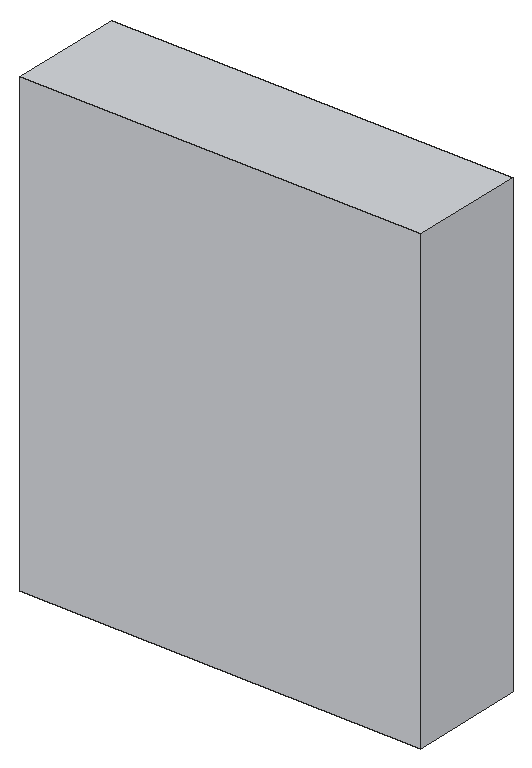
Revit family "8daf49d329dd47b884b6d59f71539c3b", category Site, host Wall, Revit 2021
Family settings
  Host = Wall
  Round Connector Dimension = Use Diameter
  Part Type = Normal
  Seek Item ID = Fiber Optic Connection-0000-USA-ENU
  Always vertical = Yes
  Cut with Voids When Loaded = No
  Shared = No
Parameters (values of type "Standard")
  Width = 0' - 5 3/4"
  Length = 1' - 8"
  Install Height = 4' - 0"
  Height = 1' - 11"
Reference planes (in)
  plane 1: y = 0
  plane 2 "Center (Left/Right)": x = 0
  plane 3 "Wall Edge": y = 3
  plane 4: z = 48
  plane 5: z = 71
  plane 6: x = 10
  plane 7: x = -10
  plane 8: y = 8.75
Forms (in)
  Extrusion 1, solid
    sketch origin (0, 0, 0) x (0, 1, 0) y (0, 0, 1)
      loop
        line (8.75, 71) -> (3, 71) -> (3, 48) -> (8.75, 48) -> (8.75, 71)
    from -10 to 10
Text (in)
  text "Placement Side" at (0, 40.15149, 123.01588), in view "Right"
  text "Placement Side" at (-70.3804, 28.46503, 0), in view "Ref. Level"
  text "Placement Side" at (0, 81.62555, 140.59947), in view "Left"
Dimensions and locks (in)
  locked: plane 3 "Wall Edge" to host wall
  "Install Height": plane 4 to level
  "Height": plane 5 to plane 4
  equal spacing: plane 7, plane 2 "Center (Left/Right)", plane 6
  "Length": plane 7 to plane 6
  "Width": plane 8 to plane 3 "Wall Edge"
  aligned and locked: plane 8 to Extrusion 1 sketch curve
  aligned and locked: plane 5 to Extrusion 1 sketch curve
  aligned and locked: plane 4 to Extrusion 1 sketch curve
  aligned and locked: Extrusion 1 sketch curve to host wall
  aligned and locked: plane 7 to Extrusion 1
  aligned and locked: Extrusion 1 to plane 6
  aligned and locked: plane 5 to Extrusion 1
  aligned and locked: Extrusion 1 to plane 4
Connectors (in)
  electrical at (10, 5.875, 59.5)
    settings: on Extrusion 1, index 1, voltage 0 V, apparent load 0 VA, apparent load phase1 0 VA, apparent load phase2 0 VA, apparent load phase3 0 VA, power factor 1, load classification "Other", number of poles 1, system type 14, power factor state 1, is connector primary yes, connector utility yes, sub classification motor no, connector description "Fiber Optic"
  electrical at (-10, 5.875, 59.5)
    settings: on Extrusion 1, index 2, voltage 0 V, apparent load 0 VA, apparent load phase1 0 VA, apparent load phase2 0 VA, apparent load phase3 0 VA, power factor 1, load classification "Other", number of poles 1, system type 14, power factor state 1, is connector primary no, connector utility no, sub classification motor no, connector description "Fiber Optic"
